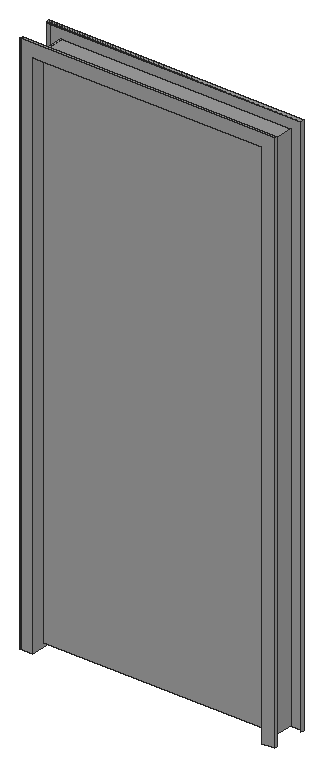
Revit family "gdlr170116_MMIDoor-COS", category Doors, host Wall, Revit 2014
Parameters (values of type "F")
  Wall Thickness [instance] = 0' - 6"
  Visual Light Transmittance = 0
  Vision Cutout = no
  Undercut [instance] = if(and(Desired Undercut > if(Nominal Height > 7' 11", 0' 0 11/16", 0' 0 1/4"), Desired Undercut < (3' 2" - 0' 4" - 0' 5 1/4")), Desired Undercut, if(Desired Undercut < 0' 0 3/4", if(Nominal Height > 7' 11", 0' 0 3/4", 0' 0 1/4"), (3' 2" - 0' 4" - 0' 5 1/4")))  # 0' - 0 3/4"
  URL = "http://mmiopenings.com/"
  Top Louver Blades [instance] = ((Top Cutout Height - 0' 0 11/16") / Louver Spacing)  # 3
  Narrow Cutout = no
  Top Lopro = no
  Model = "COS-F"
  MMIOE HW Item VF [instance] = ""
  MMIOE HW Item MS [instance] = ""
  MMIOE HW Item LVR [instance] = ""
  MMIOE HW Item HNG [instance] = "dorma BTS75V"
  MMIOE HW Item ED [instance] = ""
  MMIOE HW Item DC [instance] = ""
  MMIOE HW Item DB [instance] = ""
  MMIOE HW Item CL [instance] = ""
  Louver Spacing [instance] = 0' - 1"  # constant formula
  Hinge Edge to Wall [instance] = if(Masonry, 0' 2 5/8", 0' 1 5/8")  # 0' - 2 5/8"
  Hardware Set = "01"
  Half Cutout = no
  Desired Undercut [instance] = 0' - 0 3/4"
  Desired Cutout to Top [instance] = 0' - 0"
  Desired Cutout to Strike Edge [instance] = 0' - 0"
  Desired Cutout to Bottom [instance] = 0' - 0"
  Desired Bottom Cutout Width [instance] = 0' - 0"
  Desired Bottom Cutout Height [instance] = 0' - 0"
  Description = "Flush Single Door with Cased Opening Frame"
  Bottom Louver Blades [instance] = ((Bottom Cutout Height - 0' 0 11/16") / Louver Spacing)  # 3
  Bottom Lopro = no
  Bottom Cutout to Strike Edge [instance] = (Net Width - Bottom Cutout Width) / 2  # 1' - 3 5/8"
  Bottom Cutout Width [instance] = if(and((Net Width - Desired Bottom Cutout Width) > (0' 5 5/8" * 2), Desired Bottom Cutout Width > 0' 3 15/16"), Desired Bottom Cutout Width, if(Desired Bottom Cutout Width < 0' 4", 0' 4", Net Width - (0' 5 5/8" * 2)))  # 0' - 4"
  Bottom Cutout Visibility [instance] = if(Bottom Cutout, 0' 1 3/4", -0' 1 3/4")  # -0' - 1 3/4"
  Bottom Cutout Height [instance] = if(and(Desired Bottom Cutout Height < (3' 2" - 0' 5 1/4"), Desired Bottom Cutout Height > 0' 3 15/16"), Desired Bottom Cutout Height, if(Desired Bottom Cutout Height < 0' 4", 0' 4", (3' 2" - 0' 5 1/4")))  # 0' - 4"
  Bottom Cutout = no
  Full Cutout = no
  Desired Top Cutout Width [instance] = 0' - 0"
  Desired Top Cutout Height [instance] = 0' - 0"
  Cutout to Top [instance] = if(and(Desired Cutout to Top > 0' 7 13/16", Desired Cutout to Top < Nominal Height - if(Full Cutout, 0' 0 1/8" + Top Cutout Height + Undercut + 0' 5 1/4", 0' 0 1/8" + Top Cutout Height + 3' 8")), Desired Cutout to Top, if(Desired Cutout to Top < 0' 7 7/8", 0' 7 7/8", Nominal Height - 0' 0 1/8" - Top Cutout Height - if(Full Cutout, Undercut + 0' 5 1/4", 3' 8")))  # 0' - 7 7/8"
  Top Cutout to Strike Edge [instance] = if(Narrow Cutout, if(and(Desired Cutout to Strike Edge > 0' 5 5/8", Desired Cutout to Strike Edge < Net Width - Top Cutout Width - 0' 5 5/8"), Desired Cutout to Strike Edge, 0' 5 5/8"), (Net Width - Top Cutout Width) / 2)  # 1' - 3 5/8"
  Cutout to Bottom [instance] = if(and(Desired Cutout to Bottom > 0' 5 3/16", Desired Cutout to Bottom < (3' 2" - Bottom Cutout Height)), Desired Cutout to Bottom, if(Desired Cutout to Bottom < 0' 5 1/4", 0' 5 1/4", 3' 2" - Bottom Cutout Height))  # 0' - 5 1/4"
  Thickness = 0' - 1 3/4"  # constant formula
  Thermal Resistance (R) = 0.2701 (m²·K)/W
  Solar Heat Gain Coefficient = 0
  Rough Width [instance] = Nominal Width + Frame Width Inset  # 3' - 4"
  Rough Height [instance] = Nominal Height + Frame Height Inset  # 7' - 2"
  Nominal Width [instance] = if(and(Desired Nominal Width < 4' 0 1/16", Desired Nominal Width > 1' 0"), Desired Nominal Width, if(Desired Nominal Width > 4' 0 1/16", 4' 0", 1' 0"))  # 3' - 0"
  Nominal Height [instance] = if(and(Desired Nominal Height < 8' 0 1/16", Desired Nominal Height > 6' 8"), Desired Nominal Height, if(Desired Nominal Height > 8' 0 1/16", 8' 0", 6' 8"))  # 7' - 0"
  Net Width [instance] = Nominal Width - 0' 0 5/8" - 0' 0 1/8"  # 2' - 11 1/4"
  Net Height [instance] = Nominal Height - Undercut - 0' 0 1/8"  # 6' - 11 1/8"
  Masonry Frame Profile [instance] = if(Masonry, if(and(Desired Profile < 1' 1 1/2", Desired Profile > 0' 3 3/4"), Desired Profile, if(Desired Profile > 1' 1 1/2", 1' 1 1/2", 0' 3 3/4")), Wall Thickness)  # 0' - 5 3/4"
  Frame Inset [instance] = (Wall Thickness - Masonry Frame Profile) / 2  # 0' - 0 1/8"
  Masonry [instance] = yes
  Manufacturer = "Metal Maufacturing Industries"
  Lock Height [instance] = 3' 3 9/16" + 0' 0 3/4"  # 3' - 4 5/16"
  Jamb Face [instance] = 0' - 2"  # constant formula
  Inset Calculate [instance] = Frame Inset + 0' 0 1/2" + (Masonry Frame Profile / 2) - (Thickness / 2)  # 0' - 2 5/8"
  Heat Transfer Coefficient (U) = 3.7021 W/(m²·K)
  Header Face [instance] = 0' - 2"  # constant formula
  Function = Exterior
  Frame Width Inset [instance] = if(Masonry, Jamb Face * 2, 0' 2")  # 0' - 4"
  Frame Projection Ext. = 0' - 1"
  Frame Projection Int. = 0' - 1"
  Frame Width = 0' - 3"
  Height = 7' - 0"
  Wall Closure = By host
  Width = 3' - 0"
  Frame Height Inset [instance] = if(Masonry, Header Face, 0' 1")  # 0' - 2"
  Frame Finish [instance] = MMI Gray Primer
  Drywall Frame Profile [instance] = if(Masonry, Wall Thickness + 0' 1", if(Wall Thickness < 0' 8 1/2", Wall Thickness + 0' 1", 0' 9 1/2"))  # 0' - 7"
  Drywall [instance] = not(Masonry)  # no
  Door Type [instance] = "Flush"
  Door Material [instance] = "Cold Rolled"
  Door Gauge [instance] = "18"
  Door Finish [instance] = MMI Gray Primer
  Desired Profile [instance] = 0' - 5 3/4"
  Desired Nominal Width [instance] = 3' - 0"
  Desired Nominal Height [instance] = 7' - 0"
  Top Cutout Width [instance] = if(and((Net Width - Desired Top Cutout Width) > (0' 5 5/8" * 2), Desired Top Cutout Width > 0' 3 15/16"), Desired Top Cutout Width, if(Desired Top Cutout Width < 0' 4", 0' 4", Net Width - (0' 5 5/8" * 2)))  # 0' - 4"
  Top Cutout Height [instance] = if(and(Desired Top Cutout Height < (Nominal Height - 0' 8" - Undercut - 0' 5 1/4"), Desired Top Cutout Height > 0' 3 15/16"), Desired Top Cutout Height, if(Desired Top Cutout Height < 0' 4", 0' 4", Nominal Height - 0' 8" - Undercut - 0' 5 1/4"))  # 0' - 4"
  Top Cutout Visibility [instance] = if(or(or(Vision Cutout, Narrow Cutout), or(Half Cutout, Full Cutout)), 0' 1 3/4", -0' 1 3/4")  # -0' - 1 3/4"
  Core [instance] = "Honey Comb"
  Bottom Afdl = no
  Backset [instance] = 0' - 2 3/4"  # constant formula
  Analytic Construction = "Metal"
  Top Afdl = no
Types (11): name | Vision Cutout | Top Louver Blades | Narrow Cutout | Top Lopro | Model | MMIOE HW Item VF | MMIOE HW Item LVR | Hardware Set | Half Cutout | Desired Cutout to Top | Desired Cutout to Strike Edge | Desired Cutout to Bottom | Desired Bottom Cutout Width | Desired Bottom Cutout Height | Description | Bottom Louver Blades | Bottom Lopro | Bottom Cutout to Strike Edge | Bottom Cutout Width | Bottom Cutout Visibility | Bottom Cutout Height | Bottom Cutout | Full Cutout | Desired Top Cutout Width | Desired Top Cutout Height | Cutout to Top | Top Cutout to Strike Edge | Door Type | Top Cutout Width | Top Cutout Height | Top Cutout Visibility | Bottom Afdl | Top Afdl
  (no name) | no | 3 | no | no | "COS-F" | "" | "" | "01" | no | 0' - 0" | 0' - 0" | 0' - 0" | 0' - 0" | 0' - 0" | "Flush Single Door with Cased Opening Frame" | 3 | no | 1' - 3 5/8" | 0' - 4" | -0' - 1 3/4" | 0' - 4" | no | no | 0' - 0" | 0' - 0" | 0' - 7 7/8" | 1' - 3 5/8" | "Flush" | 0' - 4" | 0' - 4" | -0' - 1 3/4" | no | no
  F | no | 3 | no | no | "COS-F" | "" | "" | "01" | no | 0' - 0" | 0' - 0" | 0' - 0" | 0' - 0" | 0' - 0" | "Flush Single Door with Cased Opening Frame" | 3 | no | 1' - 3 5/8" | 0' - 4" | -0' - 1 3/4" | 0' - 4" | no | no | 0' - 0" | 0' - 0" | 0' - 7 7/8" | 1' - 3 5/8" | "Flush" | 0' - 4" | 0' - 4" | -0' - 1 3/4" | no | no
  HG | no | 31 | no | yes | "COS-HG" | "anemostat LOPRO" | "" | "06" | yes | 0' - 7 7/8" | 0' - 0" | 0' - 0" | 0' - 0" | 0' - 0" | "Half Glass Single Door with Cased Opening Frame" | 3 | no | 1' - 3 5/8" | 0' - 4" | -0' - 1 3/4" | 0' - 4" | no | no | 2' - 0" | 2' - 8" | 0' - 7 7/8" | 0' - 5 5/8" | "Half Glass" | 2' - 0" | 2' - 8" | 0' - 1 3/4" | no | no
  V | yes | 11 | no | yes | "COS-V" | "anemostat LOPRO" | "" | "10" | no | 0' - 7 7/8" | 0' - 0" | 0' - 0" | 0' - 0" | 0' - 0" | "Vision Single Door with Cased Opening Frame" | 3 | no | 1' - 3 5/8" | 0' - 4" | -0' - 1 3/4" | 0' - 4" | no | no | 1' - 0" | 1' - 0" | 0' - 7 7/8" | 0' - 11 5/8" | "Vision" | 1' - 0" | 1' - 0" | 0' - 1 3/4" | no | no
  NG | no | 34 | yes | yes | "COS-NG" | "anemostat LOPRO" | "" | "09" | no | 0' - 7 7/8" | 0' - 5 7/8" | 0' - 0" | 0' - 0" | 0' - 0" | "Narrow Glass Single Door with Cased Opening Frame" | 3 | no | 1' - 3 5/8" | 0' - 4" | -0' - 1 3/4" | 0' - 4" | no | no | 0' - 6" | 2' - 11" | 0' - 4 7/8" | 0' - 5 7/8" | "Narrow Glass" | 0' - 6" | 2' - 11" | 0' - 1 3/4" | no | no
  G2 | no | 31 | no | yes | "OOS-G2" | "anemostat LOPRO" | "" | "04" | yes | 0' - 7 7/8" | 0' - 0" | 0' - 5 1/4" | 3' - 0" | 2' - 8" | "Double Glass Single Door with Cased Opening Frame" | 31 | yes | 0' - 5 5/8" | 2' - 0" | 0' - 1 3/4" | 2' - 8" | yes | no | 3' - 0" | 2' - 8" | 0' - 7 7/8" | 0' - 5 5/8" | "Double Glass" | 2' - 0" | 2' - 8" | 0' - 1 3/4" | no | no
  L2 | no | 31 | no | no | "COS-L2" | "" | "anemostat AFDL" | "08" | yes | 0' - 7 7/8" | 0' - 0" | 0' - 5 1/4" | 2' - 0" | 2' - 8" | "Double Louver Single Door with Cased Opening Frame" | 31 | no | 0' - 5 5/8" | 2' - 0" | 0' - 1 3/4" | 2' - 8" | yes | no | 2' - 0" | 2' - 8" | 0' - 7 7/8" | 0' - 5 5/8" | "Double Louver" | 2' - 0" | 2' - 8" | 0' - 1 3/4" | yes | yes
  L | no | 3 | no | no | "COS-L" | "" | "anemostat AFDL" | "07" | no | 0' - 0" | 0' - 0" | 0' - 5 1/4" | 2' - 0" | 1' - 0" | "Louver Single Door with Cased Opening Frame" | 11 | no | 0' - 5 5/8" | 2' - 0" | 0' - 1 3/4" | 1' - 0" | yes | no | 0' - 0" | 0' - 0" | 0' - 7 7/8" | 1' - 3 5/8" | "Louver" | 0' - 4" | 0' - 4" | -0' - 1 3/4" | yes | no
  GL | no | 31 | no | yes | "COS-GL" | "anemostat LOPRO" | "anemostat AFDL" | "05" | yes | 0' - 7 7/8" | 0' - 0" | 0' - 5 1/4" | 2' - 0" | 1' - 0" | "Glass & Louver Single Door with Cased Opening Frame" | 11 | no | 0' - 5 5/8" | 2' - 0" | 0' - 1 3/4" | 1' - 0" | yes | no | 2' - 0" | 2' - 8" | 0' - 7 7/8" | 0' - 5 5/8" | "Glass & Louver" | 2' - 0" | 2' - 8" | 0' - 1 3/4" | yes | no
  FL | no | 69 | no | no | "COS-FL" | "" | "anemostat LOPRO" | "03" | no | 0' - 7 7/8" | 0' - 0" | 0' - 0" | 0' - 0" | 0' - 0" | "Full Louver Single Door with Cased Opening Frame" | 3 | no | 1' - 3 5/8" | 0' - 4" | -0' - 1 3/4" | 0' - 4" | no | yes | 2' - 0" | 5' - 10" | 0' - 7 7/8" | 0' - 5 5/8" | "Full Louver" | 2' - 0" | 5' - 10" | 0' - 1 3/4" | no | yes
  FG | no | 65 | no | yes | "COS-FG" | "anemostat LOPRO" | "" | "02" | no | 0' - 7 7/8" | 0' - 0" | 0' - 0" | 0' - 0" | 0' - 0" | "Full Glass Single Door with Cased Opening Frame" | 3 | no | 1' - 3 5/8" | 0' - 4" | -0' - 1 3/4" | 0' - 4" | no | yes | 2' - 0" | 5' - 6" | 0' - 7 7/8" | 0' - 5 5/8" | "Full Glass" | 2' - 0" | 5' - 6" | 0' - 1 3/4" | no | no
Reference planes (in)
  plane 1: y = 0
  plane 2 "Center (Left/Right)": x = 0
  plane 3 "Left": x = -20
  plane 4 "Right": x = 20
  plane 5: z = 86
  plane 6 "Exterior": y = 3
  plane 7 "Interior": y = -3
  plane 8: y = 3.5
  plane 9: y = -3.5
  plane 10 "Door Face": y = 0.875
Forms (in)
  Sweep 1, solid, material "MMI Gray Primer" <- "Frame Finish", visible <- "Masonry"
    path origin (-196.85039, 0, 0) x (-1, 0, 0) y (0, 0, 1)
      loop
        line (-216.85039, 0) -> (-216.85039, 86) -> (-176.85039, 86) -> (-176.85039, 0)
    profile origin (20, 0, 43) x (1, 0, 0) y (0, 1, 0)
      loop
        line (0, 2.375) -> (0, 2.875) -> (-2, 2.875) -> (-2, -2.875) -> (0, -2.875) -> (0, -2.375) -> (-0.0625, -2.375) -> (-0.0625, -2.8125) -> (-1.9375, -2.8125) -> (-1.9375, 2.8125) -> (-0.0625, 2.8125) -> (-0.0625, 2.375) -> (0, 2.375)
  Sweep 2, solid, material "MMI Gray Primer" <- "Frame Finish", visible <- "Drywall"
    path origin (-196.85039, 0, 0) x (-1, 0, 0) y (0, 0, 1)
      loop
        line (-176.85039, 0) -> (-176.85039, 86) -> (-216.85039, 86) -> (-216.85039, 0)
    profile origin (20, 0, 43) x (0, 1, 0) y (-1, 0, 0)
      loop
        line (3, -1) -> (3.5, -1) -> (3.5, 1) -> (-3.5, 1) -> (-3.5, -1) -> (-3, -1) -> (-3, -0.75) -> (-3.0625, -0.75) -> (-3.0625, -0.9375) -> (-3.4375, -0.9375) -> (-3.4375, 0.9375) -> (3.4375, 0.9375) -> (3.4375, -0.9375) -> (3.0625, -0.9375) -> (3.0625, -0.75) -> (3, -0.75) -> (3, -1)
  Extrusion 3, solid, material "MMI Gray Primer" <- "Door Finish", detail levels medium+fine
    sketch origin (0, 0.875, 0) x (1, 0, 0) y (0, 0, 1)
      loop
        line (17.375, 0.75) -> (17.375, 83.875) -> (-17.875, 83.875) -> (-17.875, 0.75) -> (17.375, 0.75)
    from 0 to 1.75
  Extrusion 4, void
    sketch origin (0, 0.875, 0) x (1, 0, 0) y (0, 0, 1)
      loop
        line (1.75, 76) -> (-2.25, 76) -> (-2.25, 72) -> (1.75, 72) -> (1.75, 76)
    from -0.5 to -1.75 <- "Top Cutout Visibility"
  Extrusion 5, void
    sketch origin (0, 0.875, -38) x (1, 0, 0) y (0, 0, 1)
      loop
        line (1.75, 48) -> (-2.25, 48) -> (-2.25, 44) -> (1.75, 44) -> (1.75, 48)
    from -0.5 to -1.75 <- "Bottom Cutout Visibility"
  Extrusion 6, solid, material "Glass", visible <- "Top Lopro", detail levels fine
    sketch origin (0, 0.875, 0) x (1, 0, 0) y (0, 0, 1)
      loop
        line (1.75, 76) -> (-2.25, 76) -> (-2.25, 72) -> (1.75, 72) -> (1.75, 76)
    from 0.75 to 1
  Sweep 7, solid, material "Satin Chrome", visible <- "Top Lopro", detail levels fine
    path origin (0, -0.125, 0) x (1, 0, 0) y (0, 0, 1)
      loop
        line (1.75, 72) -> (1.75, 76) -> (-2.25, 76) -> (-2.25, 72) -> (1.75, 72)
    profile origin (1.75, -0.125, 74) x (-1, 0, 0) y (0, -1, 0)
      loop
        line (-0.5, -1) -> (-0.5, -1.07813) -> (0.5, -1.07813) -> (1, -0.3125) -> (0, -0.3125) -> (0, 0.0625) -> (1, 0.0625) -> (0.5, 0.82812) -> (-0.5, 0.82812) -> (-0.5, 0.75) -> (0.45771, 0.75) -> (0.85567, 0.14062) -> (-0.07813, 0.14062) -> (-0.07813, -0.39063) -> (0.85567, -0.39063) -> (0.45771, -1) -> (-0.5, -1)
  Sweep 8, solid, material "Satin Chrome", visible <- "Bottom Lopro", detail levels fine
    path origin (0, -0.125, -38) x (1, 0, 0) y (0, 0, 1)
      loop
        line (1.75, 44) -> (1.75, 48) -> (-2.25, 48) -> (-2.25, 44) -> (1.75, 44)
    profile origin (1.75, -0.125, 8) x (-1, 0, 0) y (0, -1, 0)
      loop
        line (-0.5, -1) -> (-0.5, -1.07813) -> (0.5, -1.07813) -> (1, -0.3125) -> (0, -0.3125) -> (0, 0.0625) -> (1, 0.0625) -> (0.5, 0.82812) -> (-0.5, 0.82812) -> (-0.5, 0.75) -> (0.45771, 0.75) -> (0.85567, 0.14062) -> (-0.07813, 0.14062) -> (-0.07813, -0.39063) -> (0.85567, -0.39063) -> (0.45771, -1) -> (-0.5, -1)
  Sweep 9, solid, material "Satin Chrome", visible <- "Bottom Afdl", detail levels fine
    path origin (0, -0.125, 0) x (1, 0, 0) y (0, 0, 1)
      loop
        line (1.75, 6) -> (1.75, 10) -> (-2.25, 10) -> (-2.25, 6) -> (1.75, 6)
    profile origin (-0.25, -0.125, 6) x (0, 0, -1) y (0, -1, 0)
      loop
        line (0.4375, 0.75) -> (0.25, 1) -> (-0.6875, 1) -> (-0.6875, 0.4375) -> (-0.125, 0.4375) -> (-0.125, -0.6875) -> (-0.6875, -0.6875) -> (-0.6875, -1.25) -> (0.25, -1.25) -> (0.4375, -1) -> (0.36914, -1) -> (0.22266, -1.19531) -> (-0.63281, -1.19531) -> (-0.63281, -0.74219) -> (-0.07031, -0.74219) -> (-0.07031, 0.49219) -> (-0.63281, 0.49219) -> (-0.63281, 0.94531) -> (0.22266, 0.94531) -> (0.36914, 0.75) -> (0.4375, 0.75)
  Sweep 10, solid, material "Satin Chrome", visible <- "Top Afdl", detail levels fine
    path origin (0, -0.125, 38) x (1, 0, 0) y (0, 0, 1)
      loop
        line (1.75, 34) -> (1.75, 38) -> (-2.25, 38) -> (-2.25, 34) -> (1.75, 34)
    profile origin (-0.25, -0.125, 72) x (0, 0, -1) y (0, -1, 0)
      loop
        line (0.4375, 0.75) -> (0.25, 1) -> (-0.6875, 1) -> (-0.6875, 0.4375) -> (-0.125, 0.4375) -> (-0.125, -0.6875) -> (-0.6875, -0.6875) -> (-0.6875, -1.25) -> (0.25, -1.25) -> (0.4375, -1) -> (0.36914, -1) -> (0.22266, -1.19531) -> (-0.63281, -1.19531) -> (-0.63281, -0.74219) -> (-0.07031, -0.74219) -> (-0.07031, 0.49219) -> (-0.63281, 0.49219) -> (-0.63281, 0.94531) -> (0.22266, 0.94531) -> (0.36914, 0.75) -> (0.4375, 0.75)
  Extrusion 11, solid, material "Satin Chrome", visible <- "Bottom Afdl", detail levels fine
    sketch origin (1.75, 0.875, 6) x (0, 0, 1) y (0, 1, 0)
      loop
        line (0.6875, -0.3125) -> (0.6875, -0.35937) -> (1.10558, -0.35937) -> (1.62121, -0.875) -> (1.10558, -1.39062) -> (0.6875, -1.39062) -> (0.6875, -1.4375) -> (1.125, -1.4375) -> (1.6875, -0.875) -> (1.125, -0.3125) -> (0.6875, -0.3125)
    from 0 to 4 <- "Bottom Cutout Width"
  Extrusion 12, solid, material "Satin Chrome", visible <- "Bottom Afdl", detail levels fine
    sketch origin (1.75, 0.875, 7) x (0, 0, 1) y (0, 1, 0)
      loop
        line (0.6875, -0.3125) -> (0.6875, -0.35937) -> (1.10558, -0.35937) -> (1.62121, -0.875) -> (1.10558, -1.39062) -> (0.6875, -1.39062) -> (0.6875, -1.4375) -> (1.125, -1.4375) -> (1.6875, -0.875) -> (1.125, -0.3125) -> (0.6875, -0.3125)
    from 0 to 4 <- "Bottom Cutout Width"
  Extrusion 13, solid, material "Glass", visible <- "Bottom Lopro", detail levels fine
    sketch origin (0, 0.875, -38) x (1, 0, 0) y (0, 0, 1)
      loop
        line (1.75, 48) -> (-2.25, 48) -> (-2.25, 44) -> (1.75, 44) -> (1.75, 48)
    from 0.75 to 1
  Extrusion 14, solid, material "Satin Chrome", visible <- "Top Afdl", detail levels fine
    sketch origin (1.75, 0.875, 48) x (0, 0, 1) y (0, 1, 0)
      loop
        line (26.75, -0.3125) -> (26.3125, -0.3125) -> (26.3125, -0.35937) -> (26.73058, -0.35937) -> (27.24621, -0.875) -> (26.73058, -1.39062) -> (26.3125, -1.39062) -> (26.3125, -1.4375) -> (26.75, -1.4375) -> (27.3125, -0.875) -> (26.75, -0.3125)
    from 0 to 4 <- "Top Cutout Width"
  Extrusion 15, solid, material "Satin Chrome", visible <- "Top Afdl", detail levels fine
    sketch origin (1.75, 0.875, 47) x (0, 0, 1) y (0, 1, 0)
      loop
        line (26.75, -0.3125) -> (26.3125, -0.3125) -> (26.3125, -0.35937) -> (26.73058, -0.35937) -> (27.24621, -0.875) -> (26.73058, -1.39062) -> (26.3125, -1.39062) -> (26.3125, -1.4375) -> (26.75, -1.4375) -> (27.3125, -0.875) -> (26.75, -0.3125)
    from 0 to 4 <- "Top Cutout Width"
  Extrusion 16, solid, material "Satin Chrome", visible <- "Bottom Afdl", detail levels fine
    sketch origin (1.75, 0.875, 8) x (0, 0, 1) y (0, 1, 0)
      loop
        line (0.6875, -0.3125) -> (0.6875, -0.35937) -> (1.10558, -0.35937) -> (1.62121, -0.875) -> (1.10558, -1.39062) -> (0.6875, -1.39062) -> (0.6875, -1.4375) -> (1.125, -1.4375) -> (1.6875, -0.875) -> (1.125, -0.3125) -> (0.6875, -0.3125)
    from 0 to 4 <- "Bottom Cutout Width"
  Extrusion 17, solid, material "Satin Chrome", visible <- "Top Afdl", detail levels fine
    sketch origin (1.75, 0.875, 46) x (0, 0, 1) y (0, 1, 0)
      loop
        line (26.75, -0.3125) -> (26.3125, -0.3125) -> (26.3125, -0.35937) -> (26.73058, -0.35937) -> (27.24621, -0.875) -> (26.73058, -1.39062) -> (26.3125, -1.39062) -> (26.3125, -1.4375) -> (26.75, -1.4375) -> (27.3125, -0.875) -> (26.75, -0.3125)
    from 0 to 4 <- "Top Cutout Width"
Cuts and joins
  Extrusion 4, Extrusion 5 cuts Extrusion 3
Lines and regions (in)
  Opening 1
    outline origin (-120.07874, -3, 0) x (1, 0, 0) y (0, 0, 1)
      loop
        line (100.07874, 0) -> (140.07874, 0) -> (140.07874, 86) -> (100.07874, 86) -> (100.07874, 0)
  symbolic lines, style "DoorsPanelProjection"
    curve 1: line (17.375, 0.875, 0) -> (15.625, 0.875, 0)
    curve 2: line (17.375, 36.125, 0) -> (17.375, 0.875, 0)
    curve 3: line (15.625, 36.125, 0) -> (17.375, 36.125, 0)
    curve 4: line (15.625, 0.875, 0) -> (15.625, 36.125, 0)
    curve 8: line (17.375, -36.125, 0) -> (17.375, -0.875, 0)
  symbolic lines, style "Plan Swing"
    curve 5: arc (17.375, 36.125, 0) -> (-7.55051, 25.80051, 0) -> (-17.875, 0.875, 0) r 35.25
    curve 9: arc (17.375, -36.125, 0) -> (-7.55051, -25.80051, 0) -> (-17.875, -0.875, 0) r 35.25
  symbolic lines, style "Elevation Swing"
    curve 6: line (17.875, 0.875, 83.875) -> (-17.875, 0.875, 39.72743)
    curve 7: line (-17.875, 0.875, 39.72743) -> (17.875, 0.875, 0.75)
Text (in)
  text "Exterior" at (-90.35496, 43.28909, 0), in view "Ref. Level"
  text "Exterior" at (0, 63.59764, 145.59372), in view "Left"
  text "Exterior" at (0, 40.78868, 152.55637), in view "Right"
Dimensions and locks (in)
  equal spacing: plane 3 "Left", plane 2 "Center (Left/Right)", plane 4 "Right"
  "Rough Width": plane 3 "Left" to plane 4 "Right"
  host wall to plane 5 = 7' - 2"
  "Rough Height": host wall to plane 5
  locked: plane 6 "Exterior" to host wall at 0
  locked: plane 7 "Interior" to host wall
  equal spacing: Sweep 1 sketch curve, profile plane, Sweep 1 sketch curve
  profile plane to Sweep 2 sketch curve = 0' - 1"
  "Jamb Face": Sweep 2 sketch curve to Sweep 2 sketch curve
  Sweep 2 sketch curve to Sweep 2 sketch curve = 0' - 0 1/4"
  Sweep 2 sketch curve to Sweep 2 sketch curve = 0' - 0 1/2"
  equal spacing: Sweep 2 sketch curve, profile plane, Sweep 2 sketch curve
  equal spacing: Sweep 1, plane 2 "Center (Left/Right)", Sweep 1
  "Frame Inset": Sweep 1 to plane 6 "Exterior"
  "Inset Calculate": plane 10 "Door Face" to plane 8
  plane 6 "Exterior" to plane 8 = 0' - 0 1/2"
  "Undercut": level to Extrusion 3 sketch curve
  "Net Width": Extrusion 3 sketch curve to Extrusion 3 sketch curve
  "Net Height": Extrusion 3 sketch curve to Extrusion 3 sketch curve
  "Thickness": curve 4 to curve 2
  "Net Width": curve 3 to curve 1
  "Wall Thickness": host wall to host wall
  "Drywall Frame Profile": Sweep 2 to Sweep 2
  "Masonry Frame Profile": Sweep 1 to Sweep 1
  "Top Cutout Width": Extrusion 4 sketch curve to Extrusion 4 sketch curve
  "Top Cutout Height": Extrusion 4 sketch curve to Extrusion 4 sketch curve
  "Bottom Cutout Width": Extrusion 5 sketch curve to Extrusion 5 sketch curve
  "Bottom Cutout Height": Extrusion 5 sketch curve to Extrusion 5 sketch curve
  equal spacing: group 1, group 2, group 5  (x3)
  equal spacing: group 3, group 4, group 6  (x2)
  equal spacing: group 6, group 4, group 3
  "Louver Spacing": Extrusion 15 to Extrusion 14
  "Louver Spacing": Extrusion 11 to Extrusion 12
  "Top Cutout to Strike Edge": Extrusion 4 sketch curve to cut or joined group of Extrusion 3, Extrusion 4, Extrusion 5
  "Bottom Cutout to Strike Edge": Extrusion 5 sketch curve to cut or joined group of Extrusion 3, Extrusion 4, Extrusion 5
  "Cutout to Top": Extrusion 4 sketch curve to cut or joined group of Extrusion 3, Extrusion 4, Extrusion 5
  "Cutout to Bottom": cut or joined group of Extrusion 3, Extrusion 4, Extrusion 5 to Extrusion 5
  "Jamb Face": Sweep 1 sketch curve to Sweep 1 sketch curve
  "Hinge Edge to Wall": cut or joined group of Extrusion 3, Extrusion 4, Extrusion 5 to plane 4 "Right"
  "Net Width": radius of curve 5
  "Net Width": radius of curve 9
  aligned and locked: plane 3 "Left" to Opening 1 sketch curve
  aligned and locked: plane 5 to Opening 1 sketch curve  (x2)
  aligned and locked: Opening 1 sketch curve to plane 4 "Right"
  aligned and locked: Opening 1 sketch curve to level
  aligned and locked: plane 1 to host wall
  aligned and locked: Sweep 2 sketch curve to plane 6 "Exterior"
  aligned and locked: Sweep 7 sketch curve to Extrusion 4  (x4)
  aligned and locked: Sweep 8 sketch curve to Extrusion 5  (x4)
  aligned and locked: Sweep 9 sketch curve to Extrusion 5  (x4)
  aligned and locked: Sweep 10 sketch curve to Extrusion 4  (x4)
  aligned and locked: cut or joined group of Extrusion 3, Extrusion 4, Extrusion 5 to Extrusion 11  (x2)
  aligned and locked: cut or joined group of Extrusion 3, Extrusion 4, Extrusion 5 to Extrusion 12  (x2)
  aligned and locked: Extrusion 6 sketch curve to cut or joined group of Extrusion 3, Extrusion 4, Extrusion 5  (x4)
  aligned and locked: cut or joined group of Extrusion 3, Extrusion 4, Extrusion 5 to Extrusion 14  (x2)
  aligned and locked: Extrusion 14 to Sweep 10  (x2)
  aligned and locked: Extrusion 11 to Sweep 9  (x2)
  aligned and locked: Extrusion 14 to Extrusion 15
  aligned and locked: Extrusion 13 to Sweep 8  (x3)
  aligned and locked: Extrusion 15 to Sweep 10
  aligned and locked: Extrusion 12 to Sweep 9
  aligned and locked: Extrusion 13 sketch curve to cut or joined group of Extrusion 3, Extrusion 4, Extrusion 5  (x2)
  aligned and locked: curve 2 to cut or joined group of Extrusion 3, Extrusion 4, Extrusion 5
  aligned and locked: curve 8 to cut or joined group of Extrusion 3, Extrusion 4, Extrusion 5
  aligned and locked: cut or joined group of Extrusion 3, Extrusion 4, Extrusion 5 to curve 8
Automatic sketch dimensions
  Extrusion 11 sketch curve to Extrusion 11 sketch curve = 0' - 0.41808"  (x2)
  Extrusion 11 sketch curve to Extrusion 11 sketch curve = 0' - 0"  (x2)
  Extrusion 11 sketch curve to Extrusion 11 sketch curve = 0' - 0.01942"  (x2)
  Extrusion 11 sketch curve to Extrusion 11 sketch curve = 0' - 0 33/64"  (x2)
  Extrusion 11 sketch curve to Extrusion 11 sketch curve = 0' - 0.06629"
  Extrusion 11 sketch curve to Extrusion 11 sketch curve = 0' - 0 3/64"
  Extrusion 12 sketch curve to Extrusion 12 sketch curve = 0' - 0.41808"  (x2)
  Extrusion 12 sketch curve to Extrusion 12 sketch curve = 0' - 0"  (x2)
  Extrusion 12 sketch curve to Extrusion 12 sketch curve = 0' - 0.01942"  (x2)
  Extrusion 12 sketch curve to Extrusion 12 sketch curve = 0' - 0 33/64"  (x2)
  Extrusion 12 sketch curve to Extrusion 12 sketch curve = 0' - 0.06629"
  Extrusion 12 sketch curve to Extrusion 12 sketch curve = 0' - 0 3/64"
  Extrusion 14 sketch curve to Extrusion 14 sketch curve = 0' - 0.41808"  (x2)
  Extrusion 14 sketch curve to Extrusion 14 sketch curve = 0' - 0"  (x2)
  Extrusion 14 sketch curve to Extrusion 14 sketch curve = 0' - 0.01942"  (x2)
  Extrusion 14 sketch curve to Extrusion 14 sketch curve = 0' - 0 33/64"  (x2)
  Extrusion 14 sketch curve to Extrusion 14 sketch curve = 0' - 0.06629"
  Extrusion 14 sketch curve to Extrusion 14 sketch curve = 0' - 0 3/64"
  Extrusion 15 sketch curve to Extrusion 15 sketch curve = 0' - 0.41808"  (x2)
  Extrusion 15 sketch curve to Extrusion 15 sketch curve = 0' - 0"  (x2)
  Extrusion 15 sketch curve to Extrusion 15 sketch curve = 0' - 0.01942"  (x2)
  Extrusion 15 sketch curve to Extrusion 15 sketch curve = 0' - 0 33/64"  (x2)
  Extrusion 15 sketch curve to Extrusion 15 sketch curve = 0' - 0.06629"
  Extrusion 15 sketch curve to Extrusion 15 sketch curve = 0' - 0 3/64"
  plane 10 "Door Face" to curve 5 = 0' - 0"
  plane 4 "Right" to Sweep 1 sketch curve = 0' - 0"
  plane 3 "Left" to Sweep 1 sketch curve = 0' - 0"
  Sweep 1 sketch curve to level = 0' - 0"  (x2)
  Sweep 1 sketch curve to plane 5 = 0' - 0"
  Sweep 1 sketch curve to profile plane = 0' - 0"  (x2)
  profile plane to Sweep 1 sketch curve = 0' - 0 1/16"  (x2)
  Sweep 1 sketch curve to Sweep 1 sketch curve = 0' - 0 1/16"  (x3)
  Sweep 1 sketch curve to profile plane = 0' - 2 7/8"
  Sweep 1 sketch curve to Sweep 1 sketch curve = 0' - 0 7/16"
  Sweep 1 sketch curve to Sweep 1 sketch curve = 0' - 0 1/2"
  Sweep 2 sketch curve to level = 0' - 0"  (x2)
  plane 4 "Right" to Sweep 2 sketch curve = 0' - 0"
  plane 3 "Left" to Sweep 2 sketch curve = 0' - 0"
  Sweep 2 sketch curve to plane 5 = 0' - 0"
  Sweep 2 sketch curve to Sweep 2 sketch curve = 0' - 0 1/16"  (x7)
  Sweep 2 sketch curve to Sweep 2 sketch curve = 0' - 0 3/8"
  profile plane to Sweep 2 sketch curve = 0' - 1"
  Sweep 2 sketch curve to Sweep 2 sketch curve = 0' - 0 3/16"
  Extrusion 3 sketch curve to plane 3 "Left" = 0' - 2 1/8"
  curve 6 to plane 3 "Left" = 0' - 2 1/8"
  level to curve 7 = 3' - 3.72743"
  level to curve 7 = 0' - 0 3/4"
  plane 4 "Right" to curve 7 = 0' - 2 1/8"
  plane 4 "Right" to curve 6 = 0' - 2 1/8"
  plane 5 to curve 6 = 0' - 2 1/8"
  level to Extrusion 5 sketch curve = 0' - 6"
  Sweep 7 sketch curve to profile plane = 0' - 0"
  profile plane to Sweep 7 sketch curve = 0' - 0 5/64"
  profile plane to Sweep 7 sketch curve = 0' - 0 1/2"  (x2)
  Sweep 7 sketch curve to profile plane = 0' - 0.45771"  (x2)
  Sweep 7 sketch curve to Sweep 7 sketch curve = 0' - 0.04229"  (x2)
  Sweep 7 sketch curve to profile plane = 0' - 0 25/64"
  Sweep 7 sketch curve to Sweep 7 sketch curve = 0' - 0.39796"
  profile plane to Sweep 7 sketch curve = 0' - 0 9/64"
  Sweep 7 sketch curve to Sweep 7 sketch curve = 0' - 0"
  Sweep 7 sketch curve to profile plane = 0' - 0 5/16"
  Sweep 7 sketch curve to Sweep 7 sketch curve = 0' - 0.14433"  (x2)
  profile plane to Sweep 7 sketch curve = 0' - 0 1/16"
  Sweep 7 sketch curve to Sweep 7 sketch curve = 0' - 0 39/64"  (x2)
  Sweep 7 sketch curve to Sweep 7 sketch curve = 0' - 0 5/64"  (x2)
  Sweep 8 sketch curve to profile plane = 0' - 0"
  profile plane to Sweep 8 sketch curve = 0' - 0 5/64"
  profile plane to Sweep 8 sketch curve = 0' - 0 1/2"  (x2)
  Sweep 8 sketch curve to profile plane = 0' - 0.45771"  (x2)
  Sweep 8 sketch curve to Sweep 8 sketch curve = 0' - 0.04229"  (x2)
  Sweep 8 sketch curve to profile plane = 0' - 0 25/64"
  Sweep 8 sketch curve to Sweep 8 sketch curve = 0' - 0.39796"
  profile plane to Sweep 8 sketch curve = 0' - 0 9/64"
  Sweep 8 sketch curve to Sweep 8 sketch curve = 0' - 0"
  Sweep 8 sketch curve to profile plane = 0' - 0 5/16"
  Sweep 8 sketch curve to Sweep 8 sketch curve = 0' - 0.14433"  (x2)
  profile plane to Sweep 8 sketch curve = 0' - 0 1/16"
  Sweep 8 sketch curve to Sweep 8 sketch curve = 0' - 0 39/64"  (x2)
  Sweep 8 sketch curve to Sweep 8 sketch curve = 0' - 0 5/64"  (x2)
  profile plane to Sweep 9 sketch curve = 0' - 0 11/16"  (x2)
  Sweep 9 sketch curve to Sweep 9 sketch curve = 0' - 0 7/128"  (x6)
  profile plane to Sweep 9 sketch curve = 0' - 0 1/8"
  profile plane to Sweep 9 sketch curve = 0' - 0 9/128"
  Sweep 9 sketch curve to profile plane = 0' - 0 57/256"  (x2)
  Sweep 9 sketch curve to Sweep 9 sketch curve = 0' - 0 7/256"  (x2)
  Sweep 9 sketch curve to Sweep 9 sketch curve = 0' - 0.14648"  (x2)
  Sweep 9 sketch curve to Sweep 9 sketch curve = 0' - 0.06836"  (x2)
  Sweep 9 sketch curve to profile plane = 0' - 1 1/4"
  Sweep 9 sketch curve to Sweep 9 sketch curve = 0' - 0 25/128"  (x2)
  Sweep 9 sketch curve to Sweep 9 sketch curve = 0' - 0 33/128"  (x2)
  profile plane to Sweep 9 sketch curve = 0' - 0 7/16"
  profile plane to Sweep 10 sketch curve = 0' - 0 11/16"  (x2)
  Sweep 10 sketch curve to Sweep 10 sketch curve = 0' - 0 7/128"  (x6)
  profile plane to Sweep 10 sketch curve = 0' - 0 1/8"
  profile plane to Sweep 10 sketch curve = 0' - 0 9/128"
  Sweep 10 sketch curve to profile plane = 0' - 0 57/256"  (x2)
  Sweep 10 sketch curve to Sweep 10 sketch curve = 0' - 0 7/256"  (x2)
  Sweep 10 sketch curve to Sweep 10 sketch curve = 0' - 0.14648"  (x2)
  Sweep 10 sketch curve to Sweep 10 sketch curve = 0' - 0.06836"  (x2)
  Sweep 10 sketch curve to profile plane = 0' - 1 1/4"
  Sweep 10 sketch curve to Sweep 10 sketch curve = 0' - 0 25/128"  (x2)
  Sweep 10 sketch curve to Sweep 10 sketch curve = 0' - 0 33/128"  (x2)
  profile plane to Sweep 10 sketch curve = 0' - 0 7/16"
  level to Extrusion 13 sketch curve = 0' - 6"
  Extrusion 13 sketch curve to Extrusion 13 sketch curve = 0' - 4"
  curve 8 to curve 9 = 0' - 0"
  Extrusion 16 sketch curve to Extrusion 16 sketch curve = 0' - 0.41808"  (x2)
  Extrusion 16 sketch curve to Extrusion 16 sketch curve = 0' - 0"  (x2)
  Extrusion 16 sketch curve to Extrusion 16 sketch curve = 0' - 0.01942"  (x2)
  Extrusion 16 sketch curve to Extrusion 16 sketch curve = 0' - 0 33/64"  (x2)
  Extrusion 16 sketch curve to Extrusion 16 sketch curve = 0' - 0.06629"
  Extrusion 16 sketch curve to Extrusion 16 sketch curve = 0' - 0 3/64"
  Extrusion 17 sketch curve to Extrusion 17 sketch curve = 0' - 0.41808"  (x2)
  Extrusion 17 sketch curve to Extrusion 17 sketch curve = 0' - 0"  (x2)
  Extrusion 17 sketch curve to Extrusion 17 sketch curve = 0' - 0.01942"  (x2)
  Extrusion 17 sketch curve to Extrusion 17 sketch curve = 0' - 0 33/64"  (x2)
  Extrusion 17 sketch curve to Extrusion 17 sketch curve = 0' - 0.06629"
  Extrusion 17 sketch curve to Extrusion 17 sketch curve = 0' - 0 3/64"
